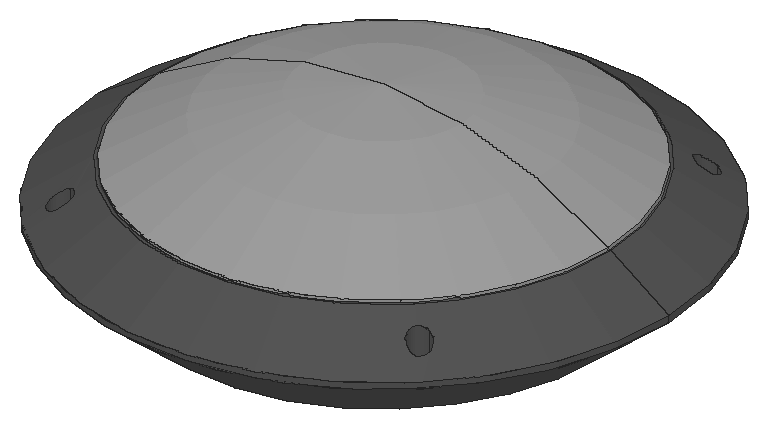
Revit family "49246", category Lighting Fixtures, host Face, Revit 2018
Family settings
  Host = Face
  Round Connector Dimension = Use Diameter
  Part Type = Normal
  OmniClass Number = 23.80.70.00
  OmniClass Title = Lighting
  Cut with Voids When Loaded = No
  Light Source = Yes
  Shared = No
  Room Calculation Point = No
Parameters (values of type "0049246 START SURFACE IP66 1500LM 840 DA WHT")
  Weight = "n/a"
  Wattage Comments = ""
  Wattage = 12 W
  WarrantyStartDate [instance] = "n/a"
  WarrantyGuarantorParts = "n/a"
  WarrantyDurationUnit = "n/a"
  WarrantyDurationParts = ""
  WarrantyDescription = "http://www.sylvania-lighting.com"
  built-in parameter 1150110 = 1 (stored number, unit not read)
  Voltage = 0 V
  URL = "1"
  TypeName = "START SURFACE IP66 1500LM 840 IK10 DALI WHT"
  Type Image = <None>
  Type Comments = "n/a"
  built-in parameter 1114217 = 1 (stored number, unit not read)
  Tilt Angle = -90.00°
  built-in parameter 1150109 = 1 (stored number, unit not read)
  built-in parameter 1150134 = (empty or 0)
  built-in parameter 1150113 = 1 (stored number, unit not read)
  SerialNumber [instance] = "n/a"
  Photometric Web File = "0049246.ies"
  Material_3_SYL = LED-Sylvania-StartSurfaceIP66
  PowerFactor = 0
  PowerConsumption = "Lighting"
  NominalLength = 350 mm
  NominalHeight = 90 mm
  NominalDepth = 300 mm
  Name = "START SURFACE IP66 1500LM 840 IK10 DALI WHT"
  ModelReference = Name  # "START SURFACE IP66 1500LM 840 IK10 DALI WHT"
  ModelNumber = "0049246"
  Model = Name  # "START SURFACE IP66 1500LM 840 IK10 DALI WHT"
  Material = "Feilo Sylvania"
  ManufacturerName = "111 lm/W"
  Manufacturer = ""
  LuminousEfficacy = ""
  built-in parameter 1150105 = 84.034 (stored number, unit not read)
  Lumens = 1056 lm
  LuminaireType = "0"
  built-in parameter 1150115 = 1 (stored number, unit not read)
  LightOutputRatio = "LED"
  built-in parameter 1150137 = (empty or 0)
  built-in parameter 1150139 = (empty or 0)
  LampsType = Lamp  # "n/a"
  LampNominalLuminous = "4000 K"
  LampMacAdamStep = "80"
  LampColourTemperature = "LED"
  LampColourRenderingIndex = "16500"
  built-in parameter 1150112 = 1 (stored number, unit not read)
  built-in parameter 1150114 = 1 (stored number, unit not read)
  Lamp = "n/a"
  Keynote = "n/a"
  InstallationDate [instance] = "n/a"
  InputVoltage = "0"
  InputNominalFrequency = "4000"
  built-in parameter 1150132 = (empty or 0)
  built-in parameter 1150102 = (empty or 0)
  built-in parameter 1150107 = 3000 (stored number, unit not read)
  built-in parameter 1150138 = (empty or 0)
  IngressProtection = "IfcLightFixtureType"
  ImpactProtectionIndex = "IfcLightFixtureType"
  built-in parameter 1150106 = 0.84034 (stored number, unit not read)
  IfcExportType = "IfcLightFixtureType"
  IfcExportAs = "Class II"
  HoleRad_SYL = 134 mm
  HoleHoleRad_SYL = 6 mm
  HoleAngle_SYL = 45.00°
  Eyelid_SYL [instance] = no
  ExpectedLife = 50000
  Emit from Circle Diameter = 200 mm
  Emit Shape Visible in Rendering = no
  ElectricShockClassification = "111"
  built-in parameter 1150104 = 8.1755 (stored number, unit not read)
  DurationUnit = "hours"
  DocumentationLiterature = "http://www.sylvania-lighting.com/product/en-int/products/0049246"
  DimmingControlOptions = "n/a"
  Material_2_SYL = Diffuser-Sylvania-StartSurfaceIP66
  Dimming Lamp Color Temperature Shift = <None>
  Description = "LED exterior surface mounted luminaire, 350mm diameter, 1500lm as max. lumen output, 15W max. power consumption, 100lm/W efficacy, 4000K color temperature, CRI80, IP66, IK10, 60,000 hours (L70), white housing, vandal resistant. DALI and DALI 2 dimming compatibility, supplied with anti-theft screws"
  Default Elevation = 1219.2 mm
  CreatedOn = "21/12/2022"
  CreatedBy = "@sylvania-lighting.com"
  Cost = 0
  Color Filter = 16777215
  built-in parameter 1114216 [instance] = (empty or 0)
  ClassificationValue = "EF_70_80"
  ClassificationName = "Uniclass2015"
  Material_1_SYL = Body-Sylvania-StartSurfaceIP66-Black
  BarCode [instance] = "n/a"
  built-in parameter 1114218 = 1 (stored number, unit not read)
  built-in parameter 1150133 = 10 (stored number, unit not read)
  AssetType = "Fixed"
  AssetIdentifier [instance] = "n/a"
  Assembly Code = "D5020200"
  Apparent Load = 14 VA
Reference planes
  plane 1 "Center (Front/Back)": y = 0
  plane 2: z = 0
  plane 3 "Center (Left/Right)": x = 0
  plane 4: x = 150
  plane 5: x = -150
  plane 6: z = 90
  plane 7: z = 30
  plane 8: z = 54
  plane 9: x = -113
  plane 10: x = 113
  plane 11: x = -118
  plane 12: z = 33
  plane 13: z = 51
  plane 14: z = 87
  plane 15: z = 92
  plane 16: x = -148
  plane 17: y = -13
Forms (mm)
  Revolve 1, solid, material "Diffuser-Sylvania-StartSurfaceIP66" <- "Material_2_SYL"
    sketch origin (0, 0, 0) x (1, 0, 0) y (0, 0, 1)
      loop
        arc (0, 90) -> (-61.685, 80.8) -> (-118, 54) r 211.389
        line (-118, 54) -> (-118, 51) -> (-117.081, 51)
        arc (-117.081, 51) -> (-61.245, 77.797) -> (0, 87) r 208.389
        line (0, 87) -> (0, 90)
      axis (0, 90) -> (0, 51)
    angle from 360 to 0
  Revolve 2, solid, material "Body-Sylvania-StartSurfaceIP66-Black" <- "Material_1_SYL"
    sketch origin (0, 0, 0) x (1, 0, 0) y (0, 0, 1)
      loop
        line (0, 0) -> (0, 33) -> (-118, 33) -> (-118, 52.116)
        arc (-118, 52.116) -> (-118.529, 53.009) -> (-119.566, 52.973) r 1.017
        line (-119.566, 52.973) -> (-150, 33) -> (-150, 30) -> (-113, 0) -> (0, 0)
      axis (0, 52.973) -> (0, 0)
    angle from 360 to 0
  Extrusion 3, void
    sketch origin (-1534.635, -4572, 33) x (0, -1, 0) y (-1, 0, 0)
      loop
        circle (-4666.752, -1439.882) r 6
      loop
        circle (-4666.752, -1629.387) r 6
      loop
        circle (-4477.248, -1439.882) r 6
      loop
        circle (-4477.248, -1629.387) r 6
    from -18 to 0
  Revolve 4, solid, material "Body-Sylvania-StartSurfaceIP66-Black" <- "Material_1_SYL", visible <- "Eyelid_SYL"
    sketch origin (0, 0, 0) x (1, 0, 0) y (0, 0, 1)
      loop
        line (0, 90) -> (0, 92)
        arc (0, 92) -> (-79.423, 77.068) -> (-148, 34.313) r 218.694
        line (-148, 34.313) -> (-118, 54)
        arc (-118, 54) -> (-61.685, 80.8) -> (0, 90) r 211.389
      axis (0, 92) -> (0, 34.313)
    angle from 360 to 0
  Extrusion 5, void
    sketch origin (-1534.635, -4572, 33) x (0, -1, 0) y (-1, 0, 0)
      loop
        line (-4367.393, -1384.635) -> (-4559, -1384.635)
        arc (-4559, -1384.635) -> (-4572, -1534.635) -> (-4559, -1684.635) r 871.885
        line (-4559, -1684.635) -> (-4367.393, -1684.635) -> (-4367.393, -1384.635)
    from -82.978 to 19.568
Cuts and joins
  Extrusion 3 cuts Revolve 2
  Extrusion 3, Extrusion 5 cuts Revolve 4
Lines and regions (mm)
  reference lines
    curve 1: line (-150, 0, 33) -> (-118, 0, 54)
    curve 2: circle (0, 0, 0) r 134 normal (0, 0, 1)
    curve 3: line (0, 0, 0) -> (-94.752, 94.752, 0)
    curve 4: line (0, 0, 0) -> (94.752, 94.752, 0)
    curve 5: line (0, 0, 0) -> (-94.752, -94.752, 0)
    curve 6: line (0, 0, 0) -> (94.752, -94.752, 0)
Dimensions and locks
  locked: plane 6 to plane 2 at 90
  plane 8 to plane 7 to plane 2 = 24 mm locked, 30 mm locked
  equal spacing: plane 4, plane 3 "Center (Left/Right)", plane 5
  locked: plane 4 to plane 5 at 300
  equal spacing: plane 10, plane 3 "Center (Left/Right)", plane 9
  locked: plane 9 to plane 5 at 37
  locked: plane 9 to plane 11 at 5
  locked: plane 12 to plane 7 at 3
  locked: plane 8 to plane 13 at 3
  locked: plane 6 to plane 14 at 3
  locked: plane 15 to plane 6 at 2
  locked: plane 16 to plane 5 at 2
  locked: plane 17 to plane 1 "Center (Front/Back)" at 13
  "HoleRad_SYL": radius of curve 2
  "HoleHoleRad_SYL": radius of Extrusion 3 sketch curve  (x4)
  "HoleAngle_SYL": angle curve 3 to plane 1 "Center (Front/Back)"
  "HoleAngle_SYL": angle plane 1 "Center (Front/Back)" to curve 4
  "HoleAngle_SYL": angle plane 1 "Center (Front/Back)" to curve 5
  "HoleAngle_SYL": angle curve 6 to plane 1 "Center (Front/Back)"
  aligned and locked: plane 2 to host face
  aligned and locked: level to host face
  aligned and locked: plane 5 to curve 1
  aligned and locked: plane 11 to curve 1
  aligned and locked: Revolve 1 sketch curve to plane 3 "Center (Left/Right)"
  aligned and locked: curve 1 to Revolve 1 sketch curve
  aligned and locked: plane 6 to Revolve 1 sketch curve
  aligned and locked: plane 3 "Center (Left/Right)" to Revolve 1 sketch curve  (x2)
  aligned and locked: plane 11 to Revolve 1 sketch curve  (x2)
  aligned and locked: plane 13 to Revolve 1 sketch curve  (x2)
  aligned and locked: plane 14 to Revolve 1 sketch curve
  aligned and locked: Revolve 2 sketch curve to plane 3 "Center (Left/Right)"  (x2)
  aligned and locked: level to Revolve 2 sketch curve
  aligned and locked: plane 5 to Revolve 2 sketch curve
  aligned and locked: Revolve 2 sketch curve to curve 1
  aligned and locked: plane 3 "Center (Left/Right)" to curve 3
  aligned and locked: plane 13 to Extrusion 3
  aligned and locked: Extrusion 3 to plane 12
  aligned and locked: Revolve 2 sketch curve to plane 12
  aligned and locked: Revolve 4 sketch curve to plane 3 "Center (Left/Right)"  (x2)
  aligned and locked: Revolve 1 to Revolve 4 sketch curve
  aligned and locked: Revolve 4 sketch curve to curve 1
  aligned and locked: plane 11 to Revolve 4 sketch curve
  aligned and locked: plane 16 to Revolve 4 sketch curve
  aligned and locked: plane 15 to Revolve 4 sketch curve
  aligned and locked: plane 4 to Extrusion 5
  aligned and locked: Extrusion 5 to plane 5
  aligned and locked: plane 3 "Center (Left/Right)" to imposter light
  aligned and locked: imposter light to plane 1 "Center (Front/Back)"
  aligned and locked: plane 8 to imposter light
Automatic sketch dimensions
  host sketch curve to host sketch curve = 600 mm  (x2)
  curve 1 to plane 8 = 0 mm
  curve 1 to plane 12 = 0 mm
  Revolve 1 sketch curve to Revolve 1 sketch curve = 0 mm
  Revolve 1 sketch curve to Revolve 1 sketch curve = 488.211 mm
  Revolve 1 sketch curve to Revolve 1 sketch curve = 2519.058 mm
  plane 1 "Center (Front/Back)" to curve 2 = 0 mm
  curve 2 to plane 3 "Center (Left/Right)" = 0 mm
  plane 1 "Center (Front/Back)" to curve 4 = 0 mm
  Extrusion 3 sketch curve to plane 10 = 18.248 mm  (x2)
  Extrusion 3 sketch curve to plane 1 "Center (Front/Back)" = 94.752 mm  (x2)
  plane 9 to Extrusion 3 sketch curve = 18.248 mm  (x2)
  plane 1 "Center (Front/Back)" to Extrusion 3 sketch curve = 94.752 mm  (x2)
  Revolve 2 sketch curve to plane 9 = 0 mm
  Revolve 2 sketch curve to plane 7 = 0 mm
  Revolve 2 sketch curve to plane 8 = 1.027 mm
  Revolve 2 sketch curve to Revolve 2 sketch curve = 0.549 mm
  Revolve 2 sketch curve to level = 609.6 mm
  plane 6 to Revolve 2 sketch curve = 2519.058 mm
  Revolve 2 sketch curve to plane 11 = 0 mm
  Revolve 4 sketch curve to plane 6 = 0 mm
  Revolve 4 sketch curve to Revolve 4 sketch curve = 482.906 mm
  Revolve 4 sketch curve to Revolve 4 sketch curve = 2517.058 mm
  Extrusion 5 sketch curve to plane 5 = 0 mm
  Extrusion 5 sketch curve to plane 4 = 0 mm
  plane 17 to Extrusion 5 sketch curve = 191.607 mm
  Extrusion 5 sketch curve to Extrusion 5 sketch curve = 667.277 mm
  plane 17 to Extrusion 5 sketch curve = 0 mm  (x2)
Connectors
  electrical at (0, 0, 0), driven by "Apparent Load", driven by "PowerFactor", driven by "Voltage"
    settings: index 1, voltage 0 V, apparent load 14 VA, apparent load phase1 0 VA, apparent load phase2 0 VA, apparent load phase3 0 VA, power factor 0, load classification "Lighting", number of poles 1, system type 30, power factor state 1, is connector primary yes, connector utility no, sub classification motor no, connector description ""
